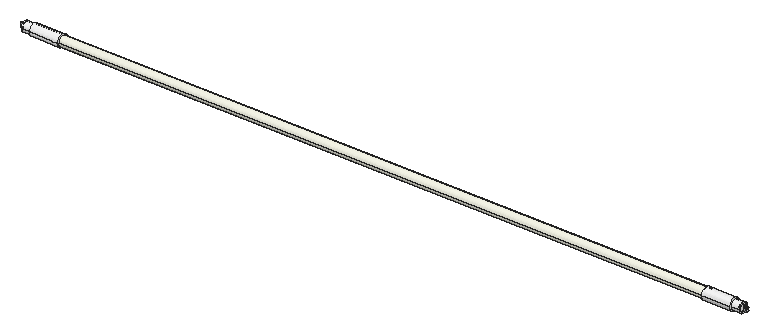
Revit family "STH9618_30_40_65", category Luminárias, Revit 2023
Family settings
  Cota do conector redondo = Utilizar diâmetro
  Tipo de parte = Normal
  Com base no plano de trabalho = Não
  Sempre na vertical = Sim
  Corte com vazios quando carregada = Não
  Fonte luminosa = Sim
  Manter orientação da anotação = Não
  Compartilhado = Não
  Ponto de cálculo do ambiente = Não
Parameters (values of type "STH9618/30 - BIVOLT - 3000K - 1900lm - 160°")
  Ângulo de inclinação = 90.00°
  Ângulo de Abertura = "160°"
  Wattage = 12.791 W
  Luminoso = Luminoso - 3000K
  URL = "https://stella.com.br/"
  Troca de temperatura da cor de lâmpada com esmaecimento = <Nenhum>
  Tensão Elétrica = "100V-240V"
  built-in parameter 1150107 = 3000 (stored number, unit not read)
  Temperatura da cor (K) = 3000 K
  Referência = "STH9618/30 - BIVOLT"
  Potência = 18 W
  built-in parameter 1150110 = 1 (stored number, unit not read)
  built-in parameter 1150109 = 1 (stored number, unit not read)
  built-in parameter 1114218 = 1 (stored number, unit not read)
  built-in parameter 1150112 = 1 (stored number, unit not read)
  built-in parameter 1150113 = 1 (stored number, unit not read)
  built-in parameter 1150132 = 2
  built-in parameter 1150137 = (empty or 0)
  Modelo = "Tubular T5 115cm"
  built-in parameter 1150106 = 1.512 (stored number, unit not read)
  built-in parameter 1150102 = (empty or 0)
  built-in parameter 1150105 = 151.2 (stored number, unit not read)
  IRC (Índice de reprodução de cores) = ">80"
  Grau de proteção (IP) = "IP20"
  Fluxo Luminoso = 1900 lm
  Color Filter = 16777215
  built-in parameter 1114217 = 1 (stored number, unit not read)
  built-in parameter 1150139 = (empty or 0)
  Fabricante = "Stella"
  Estrutura = Al - Branco
  Default Elevation = 0.00 m
  built-in parameter 1150104 = 13.8 (stored number, unit not read)
  Diâmetro = 0.018 m
  Dimerização = "Não dimerizável"
  built-in parameter 1150115 = 1 (stored number, unit not read)
  built-in parameter 1150114 = 1 (stored number, unit not read)
  Lumens = 1900 lm
  built-in parameter 1150138 = (empty or 0)
  built-in parameter 1150134 = (empty or 0)
  Comprimento = 1.163 m
  Arquivo de rede fotométrica = "STELLA - STH9618-30 - TUBULAR T5 18W.ies"
  built-in parameter 1150133 = 10 (stored number, unit not read)
Types (4, lengths in m): name | Wattage | Luminoso | built-in parameter 1150107 | Temperatura da cor (K) | Referência | built-in parameter 1150106 | built-in parameter 1150105 | Fluxo Luminoso | Lumens | built-in parameter 1150134 | Arquivo de rede fotométrica
  (no name) | 12.791 W | Luminoso - 3000K | 3000 (stored number, unit not read) | 3000 K | "STH9618/30 - BIVOLT" | 1.512 (stored number, unit not read) | 151.2 (stored number, unit not read) | 1900 lm | 1900 lm | (empty or 0) | "STELLA - STH9618-30 - TUBULAR T5 18W.ies"
  STH9618/30 - BIVOLT - 3000K - 1900lm - 160° | 12.791 W | Luminoso - 3000K | 3000 (stored number, unit not read) | 3000 K | "STH9618/30 - BIVOLT" | 1.512 (stored number, unit not read) | 151.2 (stored number, unit not read) | 1900 lm | 1900 lm | (empty or 0) | "STELLA - STH9618-30 - TUBULAR T5 18W.ies"
  STH9618/40 - BIVOLT - 4000K - 2000lm - 160° | 13.4642 W | Luminoso - 4000K | 4000 (stored number, unit not read) | 4000 K | "STH9618/40 - BIVOLT" | 1.5915 (stored number, unit not read) | 159.15 (stored number, unit not read) | 2000 lm | 2000 lm | 12 | "STELLA - STH9618-40 - TUBULAR T5 18W.ies"
  STH9618/65 - BIVOLT - 6500K - 2000lm - 160° | 13.4642 W | Luminoso - 6500K | 6500 (stored number, unit not read) | 6500 K | "STH9618/65 - BIVOLT" | 1.5915 (stored number, unit not read) | 159.15 (stored number, unit not read) | 2000 lm | 2000 lm | 1 | "STELLA - STH9618-65 - TUBULAR T5 18W.ies"
Reference planes (m)
  plane 1 "Centro (Frente/Trás)": y = -0.031228
  plane 2: z = 0
  plane 3 "Centro (Esquerda/Direita)": x = 0
  plane 4: y = -0.022228
  plane 5: y = -0.040228
  plane 6: x = -0.5815
  plane 7: x = 0.5815
  plane 8 "Superior": z = 0.018
Forms (m)
  Extrusion 1, solid, material "Luminoso - 3000K" <- "Luminoso"
    sketch origin (0, 0, 0) x (0, 1, 0) y (0, 0, 1)
      loop
        circle (-0.031228, 0.009) r 0.008
      loop
        circle (-0.031228, 0.009) r 0.0078
    from -0.515 to 0.515
  Extrusion 2, solid, material "Al - Branco" <- "Estrutura"
    sketch origin (0, -0.062456, 0) x (0, -1, 0) y (0, 0, 1)
      loop
        circle (-0.031228, 0.009) r 0.009
      loop
        circle (-0.031228, 0.009) r 0.0075
    from 0.515 to 0.56
  Extrusion 3, solid, material "Al - Branco" <- "Estrutura"
    sketch origin (-0.3003, -0.062456, 0) x (0, -1, 0) y (0, 0, 1)
      loop
        circle (-0.031228, 0.009) r 0.0075
      loop
        circle (-0.031228, 0.009) r 0.007
    from 0.2597 to 0.274
  Extrusion 4, solid, material "Al - Branco" <- "Estrutura"
    sketch origin (-0.3003, -0.062456, 0) x (0, -1, 0) y (0, 0, 1)
      loop
        circle (-0.031228, 0.009) r 0.007
    from 0.2723 to 0.2735
  Extrusion 5, solid, material "Al - Branco" <- "Estrutura"
    sketch origin (-0.3003, -0.062456, 0) x (0, -1, 0) y (0, 0, 1)
      loop
        circle (-0.031228, 0.009) r 0.006
    from 0.2735 to 0.274
  Extrusion 6, solid, material "Al - Branco" <- "Estrutura"
    sketch origin (0.3003, -0.062456, 0) x (0, -1, 0) y (0, 0, -1)
      loop
        circle (-0.031228, -0.009) r 0.0075
      loop
        circle (-0.031228, -0.009) r 0.007
    from 0.2597 to 0.274
  Extrusion 7, solid, material "Al - Branco" <- "Estrutura"
    sketch origin (0.3003, -0.062456, 0) x (0, -1, 0) y (0, 0, -1)
      loop
        circle (-0.031228, -0.009) r 0.007
    from 0.2723 to 0.2735
  Extrusion 8, solid, material "Al - Branco" <- "Estrutura"
    sketch origin (0.3003, -0.062456, 0) x (0, -1, 0) y (0, 0, -1)
      loop
        circle (-0.031228, -0.009) r 0.006
    from 0.2735 to 0.274
  Extrusion 9, solid, material "Al - Branco" <- "Estrutura"
    sketch origin (0, -0.062456, 0) x (0, -1, 0) y (0, 0, -1)
      loop
        circle (-0.031228, -0.009) r 0.009
      loop
        circle (-0.031228, -0.009) r 0.0075
    from 0.515 to 0.56
  Extrusion 10, void
    sketch origin (0, 0, 0) x (0, 1, 0) y (0, 0, 1)
      loop
        line (-0.02825, 0.00975) -> (-0.034206, 0.00975)
        arc (-0.034206, 0.00975) -> (-0.034598, 0.010045) -> (-0.035078, 0.01015) r 0.00115
        arc (-0.035078, 0.01015) -> (-0.036228, 0.009) -> (-0.035078, 0.00785) r 0.00115
        arc (-0.035078, 0.00785) -> (-0.034598, 0.007955) -> (-0.034206, 0.00825) r 0.00115
        line (-0.034206, 0.00825) -> (-0.02825, 0.00825)
        arc (-0.02825, 0.00825) -> (-0.027858, 0.007955) -> (-0.027378, 0.00785) r 0.00115
        arc (-0.027378, 0.00785) -> (-0.026228, 0.009) -> (-0.027378, 0.01015) r 0.00115
        arc (-0.027378, 0.01015) -> (-0.027858, 0.010045) -> (-0.02825, 0.00975) r 0.00115
    from -0.5743 to -0.5728
  Extrusion 11, void
    sketch origin (0, 0, 0) x (0, 1, 0) y (0, 0, -1)
      loop
        arc (-0.02825, -0.00975) -> (-0.027858, -0.010045) -> (-0.027378, -0.01015) r 0.00115
        arc (-0.027378, -0.01015) -> (-0.026228, -0.009) -> (-0.027378, -0.00785) r 0.00115
        arc (-0.027378, -0.00785) -> (-0.027858, -0.007955) -> (-0.02825, -0.00825) r 0.00115
        line (-0.02825, -0.00825) -> (-0.034206, -0.00825)
        arc (-0.034206, -0.00825) -> (-0.034598, -0.007955) -> (-0.035078, -0.00785) r 0.00115
        arc (-0.035078, -0.00785) -> (-0.036228, -0.009) -> (-0.035078, -0.01015) r 0.00115
        arc (-0.035078, -0.01015) -> (-0.034598, -0.010045) -> (-0.034206, -0.00975) r 0.00115
        line (-0.034206, -0.00975) -> (-0.02825, -0.00975)
    from -0.5743 to -0.5728
Cuts and joins
  Extrusion 10, Extrusion 11 cuts Extrusion 4
  Extrusion 10, Extrusion 11 cuts Extrusion 5
  joined: Extrusion 4, Extrusion 5
  Extrusion 11 cuts Extrusion 7
  Extrusion 11 cuts Extrusion 8
  joined: Extrusion 7, Extrusion 8
Dimensions and locks (m)
  "Comprimento": plane 6 to plane 7
  "Diâmetro": plane 4 to plane 5
  aligned and locked: level to plane 2
Automatic sketch dimensions
  Extrusion 1 sketch curve to Extrusion 1 sketch curve = 0.00 m  (x2)
  Extrusion 1 sketch curve to plane 1 "Centro (Frente/Trás)" = 0.00 m
  level to Extrusion 1 sketch curve = 0.009 m
  Extrusion 2 sketch curve to Extrusion 2 sketch curve = 0.00 m  (x2)
  Extrusion 2 sketch curve to plane 1 "Centro (Frente/Trás)" = 0.00 m
  level to Extrusion 2 sketch curve = 0.009 m
  Extrusion 3 sketch curve to Extrusion 3 sketch curve = 0.00 m  (x2)
  Extrusion 3 sketch curve to plane 1 "Centro (Frente/Trás)" = 0.00 m
  level to Extrusion 3 sketch curve = 0.009 m
  Extrusion 4 sketch curve to Extrusion 4 sketch curve = 0.00 m  (x2)
  Extrusion 4 sketch curve to plane 1 "Centro (Frente/Trás)" = 0.00 m
  level to Extrusion 4 sketch curve = 0.009 m
  Extrusion 4 sketch curve to plane 4 = 0.002 m
  Extrusion 5 sketch curve to Extrusion 5 sketch curve = 0.00 m  (x2)
  Extrusion 5 sketch curve to plane 1 "Centro (Frente/Trás)" = 0.00 m
  level to Extrusion 5 sketch curve = 0.009 m
  Extrusion 5 sketch curve to plane 4 = 0.003 m
  Extrusion 6 sketch curve to Extrusion 6 sketch curve = 0.00 m  (x2)
  Extrusion 6 sketch curve to plane 1 "Centro (Frente/Trás)" = 0.00 m
  level to Extrusion 6 sketch curve = 0.009 m
  Extrusion 7 sketch curve to Extrusion 7 sketch curve = 0.00 m  (x2)
  Extrusion 7 sketch curve to plane 1 "Centro (Frente/Trás)" = 0.00 m
  level to Extrusion 7 sketch curve = 0.009 m
  Extrusion 7 sketch curve to plane 4 = 0.002 m
  Extrusion 8 sketch curve to Extrusion 8 sketch curve = 0.00 m  (x2)
  Extrusion 8 sketch curve to plane 1 "Centro (Frente/Trás)" = 0.00 m
  level to Extrusion 8 sketch curve = 0.009 m
  Extrusion 8 sketch curve to plane 4 = 0.003 m
  Extrusion 9 sketch curve to Extrusion 9 sketch curve = 0.00 m  (x2)
  Extrusion 9 sketch curve to plane 1 "Centro (Frente/Trás)" = 0.00 m
  level to Extrusion 9 sketch curve = 0.009 m
  Extrusion 10 sketch curve to Extrusion 10 sketch curve = 0.00 m  (x13)
  plane 1 "Centro (Frente/Trás)" to Extrusion 10 sketch curve = 0.00385 m
  Extrusion 10 sketch curve to Extrusion 10 sketch curve = 0.000872 m  (x3)
  Extrusion 10 sketch curve to plane 1 "Centro (Frente/Trás)" = 0.002978 m
  level to Extrusion 10 sketch curve = 0.00825 m
  Extrusion 10 sketch curve to Extrusion 10 sketch curve = 0.00075 m
  Extrusion 11 sketch curve to Extrusion 11 sketch curve = 0.00 m  (x13)
  plane 1 "Centro (Frente/Trás)" to Extrusion 11 sketch curve = 0.00385 m
  Extrusion 11 sketch curve to Extrusion 11 sketch curve = 0.000872 m  (x3)
  Extrusion 11 sketch curve to plane 1 "Centro (Frente/Trás)" = 0.002978 m
  Extrusion 11 sketch curve to plane 8 "Superior" = 0.00825 m
  Extrusion 11 sketch curve to Extrusion 11 sketch curve = 0.00075 m
  radius of Extrusion 1 sketch curve = 0.008 m
  radius of Extrusion 1 sketch curve = 0.0078 m
  radius of Extrusion 2 sketch curve = 0.009 m
  radius of Extrusion 2 sketch curve = 0.0075 m
  radius of Extrusion 3 sketch curve = 0.0075 m
  radius of Extrusion 3 sketch curve = 0.007 m
  radius of Extrusion 6 sketch curve = 0.0075 m
  radius of Extrusion 6 sketch curve = 0.007 m
  radius of Extrusion 9 sketch curve = 0.009 m
  radius of Extrusion 9 sketch curve = 0.0075 m
Nested families (m)
  nested 1: "Base Tubular" at (0.5779, -0.031228, 0.01) x (-1, 0, 0) z (0, 0, 1), type "Base Tubular"
  nested 2: "Base Tubular" at (0.5779, -0.031228, 0.005) x (-1, 0, 0) z (0, 0, 1), type "Base Tubular"
  nested 3: "Base Tubular" at (-0.5779, -0.031228, 0.01), type "Base Tubular"
  nested 4: "Base Tubular" at (-0.5779, -0.031228, 0.005), type "Base Tubular"
Connectors (m)
  electrical at (0, -0.031228, 0.018)
    settings: index 1, voltage 0 V, apparent load 0 VA, apparent load phase1 0 VA, apparent load phase2 0 VA, apparent load phase3 0 VA, power factor 1, load classification "Outro", number of poles 1, system type 31, power factor state 1, is connector primary yes, connector utility no, sub classification motor no, connector description ""
Definition of nested family "Base Tubular"
  Parameters (values of type "Base Tubular")
    Default Elevation = 0.00 m
    Cromado = none
  Reference planes (m)
    plane 1 "Centro (Frente/Trás)": y = 0
    plane 2: z = 0
    plane 3 "Centro (Esquerda/Direita)": x = 0
    plane 4: z = 0.003
    plane 5: x = -0.0036
    plane 6: x = 0.0036
    plane 7: y = 0.0015
    plane 8: y = -0.0015
  Forms (m)
    Revolve 1, solid, material <- "Cromado"
      sketch origin (0, 0, 0) x (1, 0, 0) y (0, 0, 1)
        loop
          line (-0.0036, 0.0015) -> (0.00335, 0.0015) -> (0.00335, 0.003) -> (0.002632, 0.00265) -> (-0.00285, 0.00265) -> (-0.0036, 0.0023) -> (-0.0036, 0.0015)
        axis (-0.0036, 0.0015) -> (0.00335, 0.0015)
      angle from 0 to 360
    Extrusion 2, void
      sketch origin (0, 0, 0) x (0, 1, 0) y (0, 0, 1)
        loop
          circle (0, 0.0015) r 0.0005
      from -0.0036 to 0.0013
    Extrusion 3, solid, material <- "Cromado"
      sketch origin (0, 0, 0) x (0, 1, 0) y (0, 0, 1)
        loop
          circle (0, 0.0015) r 0.0015
      from 0.00335 to 0.0036
  Cuts and joins
    Extrusion 2 cuts Revolve 1
  Dimensions and locks (m)
    aligned and locked: plane 2 to level
